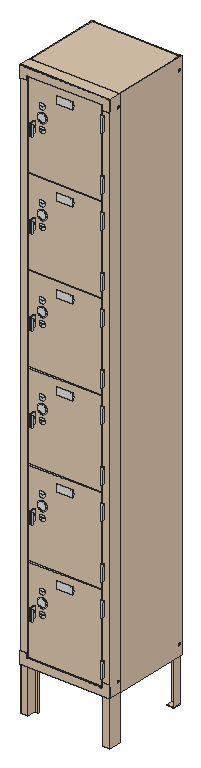
Revit family "Metal_Vented_Lockers-Salsbury_Industries-75000_76000_Series-1_Wide_Units", category Specialty Equipment, Revit 2023 (continued)
Definition of nested family "Metal Locker Zee Base-Right Side"
  Types (4): name | Visible | Depth | Type Comments | Model | Description
    77575 Right - 15" D | yes | 13.362" | "Zee Base Kit for Standard Metal Lockers - No Legs" | "77575" | "4\" H x 6' L - for 12\" Deep Lockers (Includes 6 Foot Front Base, 2 End Bases, Corner Splicer and 4 Rear Legs)"
    77578 Right - 18" D | yes | 16.362" | "Zee Base Kit for Standard Metal Lockers - No Legs" | "77578" | "4\" H x 6' L - for 12\" Deep Lockers (Includes 6 Foot Front Base, 2 End Bases, Corner Splicer and 4 Rear Legs)"
    None | no | 10.362" | "End Base for Standard Metal Lockers" | "" | ""
  Reference planes (in)
    plane 1 "Center (Front/Back)": y = 0
    plane 2: z = 0
    plane 3 "Center (Left/Right)": x = 3.99
    plane 4 "Floor": z = 0
    plane 5 "Top of Enclosure": z = 4
    plane 6 "Left Edge of Insert": x = 4.77
    plane 7 "Right Side of Unit": x = 5.99
    plane 8 "Left Edge of Enclosure": y = -8.181
    plane 9 "Right Edge of Enclosure": y = 8.181
    plane 10 "Bottom Edge of Enclosure": z = 0.06
    plane 11 "Left Edge of Base": x = 1.99
  Forms (in)
    Extrusion 1, solid, material <- "Primary Structure Material", visible <- "Visible"
      sketch origin (5.99, 0, 0) x (0, 0, -1) y (0, -1, 0)
        loop
          line (-4, 6.93967) -> (-4, -6.931) -> (-3.94, -6.931) -> (-3.94, 6.93967) -> (-4, 6.93967)
      from 0.06 to 1.22
    Extrusion 2, solid, material <- "Primary Structure Material", visible <- "Visible"
      sketch origin (0, 0, 0) x (0, -1, 0) y (1, 0, 0)
        loop
          line (-8.181, 1.99) -> (-8.121, 1.99) -> (-8.121, 5.93) -> (8.121, 5.93) -> (8.121, 1.99) -> (8.181, 1.99) -> (8.181, 5.99) -> (-8.181, 5.99) -> (-8.181, 1.99)
      from 0.06 to 4
  Dimensions and locks (in)
    "Height": plane 5 "Top of Enclosure" to plane 4 "Floor"
    equal spacing: plane 8 "Left Edge of Enclosure", plane 1 "Center (Front/Back)", plane 9 "Right Edge of Enclosure"
    "Depth": plane 8 "Left Edge of Enclosure" to plane 9 "Right Edge of Enclosure"
    "Width": plane 11 "Left Edge of Base" to plane 7 "Right Side of Unit"
    equal spacing: plane 11 "Left Edge of Base", plane 3 "Center (Left/Right)", plane 7 "Right Side of Unit"
    locked: plane 4 "Floor" to plane 10 "Bottom Edge of Enclosure" at 0.06
    aligned and locked: level to plane 2
    aligned and locked: plane 6 "Left Edge of Insert" to Extrusion 1
    aligned and locked: Extrusion 2 to plane 9 "Right Edge of Enclosure"
    aligned and locked: Extrusion 2 to plane 10 "Bottom Edge of Enclosure"
    aligned and locked: plane 11 "Left Edge of Base" to Extrusion 2
  Automatic sketch dimensions
    plane 5 "Top of Enclosure" to Extrusion 1 sketch curve = 0.000"
    Extrusion 1 sketch curve to Extrusion 1 sketch curve = 0.060"
    plane 9 "Right Edge of Enclosure" to Extrusion 1 sketch curve = 1.250"
    Extrusion 1 sketch curve to plane 8 "Left Edge of Enclosure" = 1.24133"
    Extrusion 2 sketch curve to plane 7 "Right Side of Unit" = 0.000"
    plane 9 "Right Edge of Enclosure" to Extrusion 2 sketch curve = 0.000"
    plane 6 "Left Edge of Insert" to Extrusion 2 sketch curve = 2.780"  (x2)
    Extrusion 2 sketch curve to Extrusion 2 sketch curve = 0.060"
    plane 7 "Right Side of Unit" to Extrusion 2 sketch curve = 0.060"
    Extrusion 2 sketch curve to plane 8 "Left Edge of Enclosure" = 0.060"
    Extrusion 2 sketch curve to plane 8 "Left Edge of Enclosure" = 0.000"
Definition of nested family "Metal Locker Zee Base-Left Side"
  Parameters (values of type "77572 Left - 12" D")
    Width including Rivet [instance] = 1.290"
    Visible = yes
    Primary Structure Material = none
    Depth = 10.362"
    Version = "1.0 (11/30/15)"
    Type Comments = "Zee Base Kit for Standard Metal Lockers - No Legs"
    Model = "77572"
    MasterFormat Title = ""
    MasterFormat Number = ""
    Manufacturer = "Salsbury Industries"
    Description = "4\" H x 6' L - for 12\" Deep Lockers (Includes 6 Foot Front Base, 2 End Bases, Corner Splicer and 4 Rear Legs)"
    Width = 4.000"
    Height = 4.000"
    Default Elevation = 0.000"
    Assembly Code = ""
  Types (4): name | Visible | Depth | Type Comments | Model | Description
    77572 Left - 12" D | yes | 10.362" | "Zee Base Kit for Standard Metal Lockers - No Legs" | "77572" | "4\" H x 6' L - for 12\" Deep Lockers (Includes 6 Foot Front Base, 2 End Bases, Corner Splicer and 4 Rear Legs)"
    77575 Left - 15" D | yes | 13.362" | "Zee Base Kit for Standard Metal Lockers - No Legs" | "77575" | "4\" H x 6' L - for 12\" Deep Lockers (Includes 6 Foot Front Base, 2 End Bases, Corner Splicer and 4 Rear Legs)"
    77578 Left- 18" D | yes | 16.362" | "Zee Base Kit for Standard Metal Lockers - No Legs" | "77578" | "4\" H x 6' L - for 12\" Deep Lockers (Includes 6 Foot Front Base, 2 End Bases, Corner Splicer and 4 Rear Legs)"
    None | no | 10.362" | "End Base for Standard Metal Lockers" | "" | ""
  Reference planes (in)
    plane 1 "Center (Front/Back)": y = 0
    plane 2: z = 0
    plane 3 "Center (Left/Right)": x = 3.99
    plane 4 "Floor": z = 0
    plane 5 "Top of Enclosure": z = 4
    plane 6 "Right Side of Unit": x = 5.99
    plane 7 "Left Edge of Enclosure": y = -5.181
    plane 8 "Right Edge of Enclosure": y = 5.181
    plane 9 "Bottom Edge of Enclosure": z = 0.06
    plane 10 "Left Edge of Base": x = 1.99
    plane 11 "Right Edge of Inser": x = 3.21
  Forms (in)
    Extrusion 1, solid, material <- "Primary Structure Material", visible <- "Visible"
      sketch origin (7.98, 0, 0) x (0, -1, 0) y (1, 0, 0)
        loop
          line (-5.181, -1.99) -> (-5.181, -5.99) -> (5.181, -5.99) -> (5.181, -1.99) -> (5.121, -1.99) -> (5.121, -5.93) -> (-5.121, -5.93) -> (-5.121, -1.99) -> (-5.181, -1.99)
      from 0.06 to 4
    Extrusion 2, solid, material <- "Primary Structure Material", visible <- "Visible"
      sketch origin (1.99, 0, 0) x (0, 0, -1) y (0, 1, 0)
        loop
          line (-4, -3.93967) -> (-3.94, -3.93967) -> (-3.94, 3.931) -> (-4, 3.931) -> (-4, -3.93967)
      from 0.06 to 1.22
  Dimensions and locks (in)
    "Height": plane 5 "Top of Enclosure" to plane 4 "Floor"
    equal spacing: plane 7 "Left Edge of Enclosure", plane 1 "Center (Front/Back)", plane 8 "Right Edge of Enclosure"
    "Depth": plane 7 "Left Edge of Enclosure" to plane 8 "Right Edge of Enclosure"
    "Width": plane 10 "Left Edge of Base" to plane 6 "Right Side of Unit"
    equal spacing: plane 10 "Left Edge of Base", plane 3 "Center (Left/Right)", plane 6 "Right Side of Unit"
    locked: plane 4 "Floor" to plane 9 "Bottom Edge of Enclosure" at 0.06
    aligned and locked: level to plane 2
    aligned and locked: plane 10 "Left Edge of Base" to Extrusion 1
  Automatic sketch dimensions
    plane 8 "Right Edge of Enclosure" to Extrusion 1 sketch curve = 0.000"
    Extrusion 1 sketch curve to plane 6 "Right Side of Unit" = 0.000"  (x2)
    plane 7 "Left Edge of Enclosure" to Extrusion 1 sketch curve = 0.000"
    Extrusion 1 sketch curve to plane 10 "Left Edge of Base" = 0.000"
    Extrusion 1 sketch curve to Extrusion 1 sketch curve = 0.060"
    plane 7 "Left Edge of Enclosure" to Extrusion 1 sketch curve = 0.060"
    plane 10 "Left Edge of Base" to Extrusion 1 sketch curve = 0.060"
    plane 5 "Top of Enclosure" to Extrusion 2 sketch curve = 0.000"
    Extrusion 2 sketch curve to Extrusion 2 sketch curve = 0.060"
    Extrusion 2 sketch curve to plane 7 "Left Edge of Enclosure" = 1.24133"
    plane 8 "Right Edge of Enclosure" to Extrusion 2 sketch curve = 1.250"
Definition of nested family "Metal Locker Zee Base Corner"
  Parameters (values of type "77572, 77575, 77578")
    Width = 2.000"
    Visible = yes
    Version = "1.0 (11/30/15)"
    Type Comments = "Zee Base Kit for Standard Metal Lockers - No Legs"
    Primary Structure Material = none
    Model = "n/a"
    Manufacturer = "Salsbury Industries"
    Height = 3.940"
    Description = "4\" H x 6' L - for 12\" Deep Lockers (Includes 6 Foot Front Base, 2 End Bases, Corner Splicer and 4 Rear Legs)"
    Depth = 2.000"
    Default Elevation = 0.000"
  Types (2): name | Visible
    77572, 77575, 77578 | yes
    None | no
  Reference planes (in)
    plane 1 "Center (Front/Back)": y = 0
    plane 2 "Bottom of Component": z = 0
    plane 3 "Center (Left/Right)": x = 0
    plane 4: z = 3.94
    plane 5: x = -1
    plane 6: x = 1
    plane 7 "Front": y = -1
    plane 8 "Back": y = 1
  Forms (in)
    Extrusion 1, solid, material <- "Primary Structure Material", visible <- "Visible"
      sketch origin (0, 0, 0) x (1, 0, 0) y (0, 1, 0)
        loop
          line (-1, 1) -> (-1, 0.94) -> (0.94, 0.94) -> (0.94, -1) -> (1, -1) -> (1, 1) -> (-1, 1)
      from 0 to 3.94
  Dimensions and locks (in)
    "Height": plane 4 to plane 2 "Bottom of Component"
    equal spacing: plane 5, plane 3 "Center (Left/Right)", plane 6
    "Width": plane 5 to plane 6
    equal spacing: plane 7 "Front", plane 1 "Center (Front/Back)", plane 8 "Back"
    "Depth": plane 7 "Front" to plane 8 "Back"
    aligned and locked: plane 2 "Bottom of Component" to level
  Automatic sketch dimensions
    Extrusion 1 sketch curve to plane 5 = 0.000"
    plane 7 "Front" to Extrusion 1 sketch curve = 0.000"
    Extrusion 1 sketch curve to plane 6 = 0.000"
    plane 8 "Back" to Extrusion 1 sketch curve = 0.000"
    plane 6 to Extrusion 1 sketch curve = 0.060"
    Extrusion 1 sketch curve to Extrusion 1 sketch curve = 0.060"
Definition of nested family "Metal Locker End Panel"
  Parameters (values of type "77362 - for 6' H x 12" D Lockers")
    Width = 0.925"
    Visible = yes
    Version = "1.0 (11/30/15)"
    Type Comments = "Finished End Panel for Standard Metal Lockers"
    Primary Structure Material = none
    Model = "77362"
    MasterFormat Title = ""
    MasterFormat Number = ""
    Manufacturer = "Salsbury Industries"
    Height = 72.000"
    Description = "End Panel for 6' H x 12\" Deep Lockers"
    Depth = 12.010"
    Default Elevation = 0.000"
    Assembly Code = ""
  Types (7): name | Visible | Model | Height | Description | Depth
    77362 - for 6' H x 12" D Lockers | yes | "77362" | 72.000" | "End Panel for 6' H x 12\" Deep Lockers" | 12.010"
    77365 - for 6' H x 15" D Lockers | yes | "77365" | 72.000" | "End Panel for 6' H x 15\" Deep Lockers" | 15.010"
    77368 - for 6' H X 18" D Lockers | yes | "77368" | 72.000" | "End Panel for 6' H x 18\" Deep Lockers" | 18.010"
    77352 - for 5' H x 12" D Lockers | yes | "77352" | 60.000" | "End Panel for 5' H x 12\" Deep Lockers" | 12.010"
    77355 - for 5' H x 15" D Lockers | yes | "77355" | 60.000" | "End Panel for 5' H x 15\" Deep Lockers" | 15.010"
    77358 - for 5' H x 18" D Lockers | yes | "77358" | 60.000" | "End Panel for 5' H x 18\" Deep Lockers" | 18.010"
    None | no | "n/a" | 72.000" | "" | 12.010"
  Reference planes (in)
    plane 1 "Center (Front/Back)": y = -2.167
    plane 2: z = 0
    plane 3 "Center (Left/Right)": x = -4.595
    plane 4 "Bottom of Panel": z = 0
    plane 5 "Top of Panel": z = 72
    plane 6 "Front of Panel": y = -8.172
    plane 7 "Right Side of Enclosure": x = -4.1325
    plane 8 "Left Side of Enclosure": x = -5.0575
    plane 9 "Back of Panel": y = 3.838
    plane 10: z = 36
    plane 11: z = 70.283
    plane 12: z = 1.717
    plane 13 "Outside Edge of Front Flap": y = -8.23214
    plane 14 "Outside Edge of Back Flap": y = 3.898
  Forms (in)
    Extrusion 1, solid, material <- "Primary Structure Material", visible <- "Visible"
      sketch origin (-4.1325, 0.48244, 0) x (0, 0, -1) y (0, -1, 0)
        loop
          line (-72, 8.71458) -> (-72, -3.41556) -> (0, -3.41556) -> (0, 8.71458) -> (-72, 8.71458)
      from 0 to -0.06
    Extrusion 2, solid, material <- "Primary Structure Material", visible <- "Visible"
      sketch origin (0, 3.838, 0) x (0, 0, -1) y (1, 0, 0)
        loop
          line (-72, -5.0575) -> (0, -5.0575) -> (0, -4.1325) -> (-72, -4.1325) -> (-72, -5.0575)
      from 0 to -0.06
    Extrusion 3, solid, material <- "Primary Structure Material", visible <- "Visible"
      sketch origin (0, -8.172, 0) x (1, 0, 0) y (0, 0, 1)
        loop
          line (-5.0575, 70.283) -> (-5.0575, 1.717) -> (-4.1325, 1.717) -> (-4.1325, 70.283) -> (-5.0575, 70.283)
      from 0.06014 to 0
  Dimensions and locks (in)
    equal spacing: plane 6 "Front of Panel", plane 1 "Center (Front/Back)", plane 9 "Back of Panel"
    "Depth": plane 6 "Front of Panel" to plane 9 "Back of Panel"
    equal spacing: plane 8 "Left Side of Enclosure", plane 3 "Center (Left/Right)", plane 7 "Right Side of Enclosure"
    "Width": plane 8 "Left Side of Enclosure" to plane 7 "Right Side of Enclosure"
    equal spacing: plane 5 "Top of Panel", plane 10, plane 2
    "Height": plane 5 "Top of Panel" to plane 2
    locked: plane 5 "Top of Panel" to plane 11 at 1.717
    locked: plane 13 "Outside Edge of Front Flap" to plane 6 "Front of Panel" at 0.06014
    locked: plane 9 "Back of Panel" to plane 14 "Outside Edge of Back Flap" at 0.06
    aligned and locked: level to plane 2
    aligned and locked: plane 5 "Top of Panel" to Extrusion 1 sketch curve
    aligned and locked: plane 5 "Top of Panel" to Extrusion 2 sketch curve
    aligned and locked: Extrusion 2 to plane 9 "Back of Panel"
    aligned and locked: plane 11 to Extrusion 3 sketch curve
    aligned and locked: plane 6 "Front of Panel" to Extrusion 3
    aligned and locked: plane 14 "Outside Edge of Back Flap" to Extrusion 2
    aligned and locked: Extrusion 1 to plane 14 "Outside Edge of Back Flap"
    aligned and locked: plane 13 "Outside Edge of Front Flap" to Extrusion 3
    aligned and locked: Extrusion 2 to plane 7 "Right Side of Enclosure"
    aligned and locked: Extrusion 3 to plane 7 "Right Side of Enclosure"
  Automatic sketch dimensions
    Extrusion 1 sketch curve to level = 0.000"
    Extrusion 2 sketch curve to level = 0.000"
    plane 8 "Left Side of Enclosure" to Extrusion 2 sketch curve = 0.000"
    plane 7 "Right Side of Enclosure" to Extrusion 2 sketch curve = 0.000"
    plane 8 "Left Side of Enclosure" to Extrusion 3 sketch curve = 0.000"
    Extrusion 3 sketch curve to plane 12 = 0.000"
    plane 7 "Right Side of Enclosure" to Extrusion 3 sketch curve = 0.000"
    Extrusion 1 sketch curve to plane 14 "Outside Edge of Back Flap" = 0.000"
    plane 6 "Front of Panel" to Extrusion 1 sketch curve = 0.06014"
Definition of nested family "Metal Locker Front Filler"
  Parameters (values of type "77869 - for 6' H Lockers (Zee Base or No Legs)")
    Width = 9.000"
    Visible = yes
    Version = "1.0 (11/30/15)"
    Type Comments = "Vertical Front Filler for Standard Metal Lockers"
    Primary Structure Material = none
    Model = "77865"
    MasterFormat Title = ""
    MasterFormat Number = ""
    Manufacturer = "Salsbury Industries"
    Height = 72.000"
    Description = "9\" W Vertical Front Filler for 6' H Lockers"
    Depth = 1.500"
    Default Elevation = 0.000"
    Assembly Code = ""
  Types (9): name | Width | Visible | Model | Height | Description | Depth
    77865 - for 6' H Lockers with Legs | 15.000" | yes | "77865" | 78.000" | "15\" W Vertical Front Filler for 6' H Lockers" | 1.000"
    77869 - for 6' H Lockers with Legs | 9.000" | yes | "77865" | 78.000" | "9\" W Vertical Front Filler for 6' H Lockers" | 1.000"
    77855 - for 5' H Lockers with Legs | 15.000" | yes | "77855" | 66.000" | "15\" W Vertical Front Filler for 5' H Lockers" | 1.000"
    77859 - for 5' H Lockers with Legs | 9.000" | yes | "77859" | 66.000" | "9\" W Vertical Front Filler for 5' H Lockers" | 1.000"
    None | 15.000" | no | "n/a" | 78.000" | "" | 1.500"
    77865 - for 6' H Lockers (Zee Base or No Legs) | 15.000" | yes | "77865" | 72.000" | "15\" W Vertical Front Filler for 6' H Lockers" | 1.000"
    77869 - for 6' H Lockers (Zee Base or No Legs) | 9.000" | yes | "77865" | 72.000" | "9\" W Vertical Front Filler for 6' H Lockers" | 1.500"
    77859 - for 5' H Lockers (Zee Base or No Legs) | 9.000" | yes | "77859" | 60.000" | "9\" W Vertical Front Filler for 5' H Lockers" | 1.000"
    77855 - for 5' H Lockers (Zee Base or No Legs) | 15.000" | yes | "77855" | 60.000" | "15\" W Vertical Front Filler for 5' H Lockers" | 1.000"
  Reference planes (in)
    plane 1 "Center (Front/Back)": y = -2.167
    plane 2: z = 0
    plane 3 "Center (Left/Right)": x = -4.595
    plane 4 "Bottom of Filler": z = 0
    plane 5 "Top of Panel": z = 72
    plane 6 "Front of Filler": y = -2.917
    plane 7 "Right Side of Filler": x = -0.095
    plane 8 "Left Side of Filler": x = -9.095
    plane 9 "Back of Filler": y = -1.417
    plane 10: z = 36
  Forms (in)
    Extrusion 1, solid, material <- "Primary Structure Material", visible <- "Visible"
      sketch origin (0, 0, 0) x (0, -1, 0) y (1, 0, 0)
        loop
          line (1.417, -9.095) -> (2.917, -9.095) -> (2.917, -1.095) -> (2.869, -1.095) -> (2.869, -9.047) -> (1.417, -9.047) -> (1.417, -9.095)
      from 0 to 72
    Extrusion 2, solid, material <- "Primary Structure Material", visible <- "Visible"
      sketch origin (0, -0.20425, 0) x (0, -1, 0) y (1, 0, 0)
        loop
          line (1.30875, -0.095) -> (1.30875, -0.143) -> (2.76075, -0.143) -> (2.76075, -1.595) -> (2.80875, -1.595) -> (2.80875, -0.095) -> (1.30875, -0.095)
      from 0 to 72
    Extrusion 3, solid, material <- "Primary Structure Material", visible <- "Visible"
      sketch origin (0, 0.10825, 0) x (0, -1, 0) y (1, 0, 0)
        loop
          line (3.07325, -1.595) -> (3.07325, -0.82524) -> (3.02525, -0.82524) -> (3.02525, -1.376) -> (3.02525, -1.449) -> (3.02525, -1.522) -> (3.02525, -1.595) -> (3.07325, -1.595)
      from 0 to 72
    Extrusion 4, solid, material <- "Primary Structure Material", visible <- "Visible"
      sketch origin (0, 0, 0) x (0, -1, 0) y (1, 0, 0)
        loop
          line (2.917, -0.82524) -> (2.821, -0.82524) -> (2.821, -1.80024) -> (2.869, -1.80024) -> (2.869, -0.87324) -> (2.917, -0.87324) -> (2.917, -0.82524)
      from 0 to 72
  Dimensions and locks (in)
    equal spacing: plane 6 "Front of Filler", plane 1 "Center (Front/Back)", plane 9 "Back of Filler"
    "Depth": plane 6 "Front of Filler" to plane 9 "Back of Filler"
    equal spacing: plane 8 "Left Side of Filler", plane 3 "Center (Left/Right)", plane 7 "Right Side of Filler"
    "Width": plane 8 "Left Side of Filler" to plane 7 "Right Side of Filler"
    equal spacing: plane 5 "Top of Panel", plane 10, plane 2
    "Height": plane 5 "Top of Panel" to plane 2
    aligned and locked: level to plane 2
    aligned and locked: Extrusion 1 to plane 5 "Top of Panel"
    aligned and locked: Extrusion 2 to plane 5 "Top of Panel"
    aligned and locked: Extrusion 3 to plane 5 "Top of Panel"
    aligned and locked: Extrusion 4 to plane 5 "Top of Panel"
  Automatic sketch dimensions
    plane 9 "Back of Filler" to Extrusion 1 sketch curve = 0.000"
    plane 6 "Front of Filler" to Extrusion 1 sketch curve = 0.000"
    Extrusion 1 sketch curve to plane 8 "Left Side of Filler" = 0.000"
    Extrusion 1 sketch curve to plane 6 "Front of Filler" = 0.048"
    Extrusion 1 sketch curve to Extrusion 1 sketch curve = 0.048"
    plane 7 "Right Side of Filler" to Extrusion 1 sketch curve = 1.000"
    Extrusion 2 sketch curve to plane 7 "Right Side of Filler" = 0.000"
    plane 7 "Right Side of Filler" to Extrusion 2 sketch curve = 0.048"
    plane 9 "Back of Filler" to Extrusion 2 sketch curve = 0.096"
    plane 6 "Front of Filler" to Extrusion 2 sketch curve = 0.048"
    Extrusion 2 sketch curve to Extrusion 2 sketch curve = 0.048"
    Extrusion 2 sketch curve to Extrusion 2 sketch curve = 1.452"
    plane 6 "Front of Filler" to Extrusion 3 sketch curve = 0.000"
    plane 7 "Right Side of Filler" to Extrusion 3 sketch curve = 1.500"
    Extrusion 3 sketch curve to Extrusion 3 sketch curve = 0.073"  (x3)
    Extrusion 3 sketch curve to Extrusion 3 sketch curve = 0.55076"
    Extrusion 3 sketch curve to Extrusion 3 sketch curve = 0.048"
    plane 6 "Front of Filler" to Extrusion 4 sketch curve = 0.000"
    Extrusion 4 sketch curve to plane 6 "Front of Filler" = 0.048"
    Extrusion 4 sketch curve to Extrusion 4 sketch curve = 0.048"  (x2)
    plane 7 "Right Side of Filler" to Extrusion 4 sketch curve = 1.70524"
    plane 7 "Right Side of Filler" to Extrusion 4 sketch curve = 0.77824"
Definition of nested family "Metal Locker Flat Top Filler"
  Parameters (values of type "77842 - for 12" Deep Lockers (15" W)")
    Width = 16.250"
    Visible = yes
    Version = "1.0 (11/30/15)"
    Type Comments = "Flat Top Filler for Standard Metal Lockers"
    Primary Structure Material = none
    Model = "77842"
    MasterFormat Title = ""
    MasterFormat Number = ""
    Manufacturer = "Salsbury Industries"
    Height = 1.003"
    Description = "15\"W Flat Top In-Line Filler"
    Depth = 12.118"
    Default Elevation = 0.000"
    Assembly Code = ""
  Types (7): name | Width | Visible | Model | Depth
    77842 - for 12" Deep Lockers (15" W) | 16.250" | yes | "77842" | 12.118"
    77842 - for 12" Deep Lockers (9" W) | 10.250" | yes | "77842" | 12.118"
    77845 - for 15" Deep Lockers (15" W) | 16.250" | yes | "77845" | 15.118"
    77845 - for 15" Deep Lockers (9" W) | 10.250" | yes | "77845" | 15.118"
    77848 - for 18" Deep Lockers (15" W) | 16.250" | yes | "77848" | 18.118"
    77848 - for 18" Deep Lockers (9" W) | 10.250" | yes | "77848" | 18.118"
    None | 16.250" | no | "" | 12.118"
  Reference planes (in)
    plane 1 "Center (Front/Back)": y = -2.167
    plane 2: z = 0
    plane 3 "Center (Left/Right)": x = -4.595
    plane 4 "Bottom of Panel": z = 0
    plane 5 "Top of Panel": z = 1.003
    plane 6 "Front of Panel": y = -8.226
    plane 7 "Right Side of Enclosure": x = 3.53
    plane 8 "Left Side of Enclosure": x = -12.72
    plane 9 "Back of Panel": y = 3.892
    plane 10: z = 0.5015
  Forms (in)
    Extrusion 1, solid, material <- "Primary Structure Material", visible <- "Visible"
      sketch origin (-4.595, 0, 0) x (0, 1, 0) y (0, 0, 1)
        loop
          line (-8.226, 0) -> (-8.178, 0) -> (-8.178, 0.955) -> (3.892, 0.955) -> (3.892, 1.003) -> (-8.226, 1.003) -> (-8.226, 0)
      from -8.125 to 8.125
  Dimensions and locks (in)
    equal spacing: plane 6 "Front of Panel", plane 1 "Center (Front/Back)", plane 9 "Back of Panel"
    "Depth": plane 6 "Front of Panel" to plane 9 "Back of Panel"
    equal spacing: plane 8 "Left Side of Enclosure", plane 3 "Center (Left/Right)", plane 7 "Right Side of Enclosure"
    "Width": plane 8 "Left Side of Enclosure" to plane 7 "Right Side of Enclosure"
    equal spacing: plane 5 "Top of Panel", plane 10, plane 2
    "Height": plane 5 "Top of Panel" to plane 2
    aligned and locked: level to plane 2
    aligned and locked: Extrusion 1 to plane 7 "Right Side of Enclosure"
    aligned and locked: plane 8 "Left Side of Enclosure" to Extrusion 1
    aligned and locked: plane 6 "Front of Panel" to Extrusion 1
    aligned and locked: Extrusion 1 to plane 9 "Back of Panel"
  Automatic sketch dimensions
    plane 5 "Top of Panel" to Extrusion 1 sketch curve = 0.000"
    Extrusion 1 sketch curve to plane 6 "Front of Panel" = 0.000"
    Extrusion 1 sketch curve to level = 0.000"
    Extrusion 1 sketch curve to plane 9 "Back of Panel" = 0.000"
    Extrusion 1 sketch curve to plane 6 "Front of Panel" = 0.048"
    plane 5 "Top of Panel" to Extrusion 1 sketch curve = 0.048"
Definition of nested family "Metal Locker Flat Corner Filler"
  Parameters (values of type "77832 - for 12" Deep Lockers")
    Width = 12.625"
    Visible = yes
    Version = "1.0 (11/30/15)"
    Type Comments = "Flat Top Corner Filler for Standard Metal Lockers"
    Primary Structure Material = none
    Model = "77832"
    MasterFormat Title = ""
    MasterFormat Number = ""
    Manufacturer = "Salsbury Industries"
    Height = 0.048"
    Description = "12\"W Flat Top Corner Filler"
    Depth = 12.625"
    Default Elevation = 0.000"
    Assembly Code = ""
  Types (4): name | Width | Visible | Model | Description | Depth
    77832 - for 12" Deep Lockers | 12.625" | yes | "77832" | "12\"W Flat Top Corner Filler" | 12.625"
    77835 - for 15" Deep Lockers | 15.625" | yes | "77835" | "15\"W Flat Top Corner Filler" | 15.625"
    77838 - for 18" Deep Lockers | 18.625" | yes | "77838" | "18\"W Flat Top Corner Filler" | 18.625"
    None | 12.625" | no | "" | "" | 12.625"
  Reference planes (in)
    plane 1 "Center (Front/Back)": y = -2.167
    plane 2: z = 0
    plane 3 "Center (Left/Right)": x = -4.595
    plane 4 "Bottom of Panel": z = 0
    plane 5 "Top of Panel": z = 0.048
    plane 6 "Front of Panel": y = -8.4795
    plane 7 "Right Side of Enclosure": x = 1.7175
    plane 8 "Left Side of Enclosure": x = -10.9075
    plane 9 "Back of Panel": y = 4.1455
    plane 10: z = 0.024
  Forms (in)
    Extrusion 1, solid, material <- "Primary Structure Material", visible <- "Visible"
      sketch origin (0, 0, 0) x (0, -1, 0) y (1, 0, 0)
        loop
          line (7.8545, -10.9075) -> (7.8545, -10.2825) -> (8.4795, -10.2825) -> (8.4795, 1.7175) -> (-4.1455, 1.7175) -> (-4.1455, -10.9075) -> (7.8545, -10.9075)
      from 0 to 0.048
  Dimensions and locks (in)
    equal spacing: plane 6 "Front of Panel", plane 1 "Center (Front/Back)", plane 9 "Back of Panel"
    "Depth": plane 6 "Front of Panel" to plane 9 "Back of Panel"
    equal spacing: plane 8 "Left Side of Enclosure", plane 3 "Center (Left/Right)", plane 7 "Right Side of Enclosure"
    "Width": plane 8 "Left Side of Enclosure" to plane 7 "Right Side of Enclosure"
    equal spacing: plane 5 "Top of Panel", plane 10, plane 2
    "Height": plane 5 "Top of Panel" to plane 2
    aligned and locked: level to plane 2
    aligned and locked: Extrusion 1 to plane 9 "Back of Panel"
    aligned and locked: plane 6 "Front of Panel" to Extrusion 1
    aligned and locked: Extrusion 1 to plane 7 "Right Side of Enclosure"
    aligned and locked: plane 8 "Left Side of Enclosure" to Extrusion 1
  Automatic sketch dimensions
    Extrusion 1 sketch curve to plane 8 "Left Side of Enclosure" = 0.000"
    plane 9 "Back of Panel" to Extrusion 1 sketch curve = 0.000"
    plane 6 "Front of Panel" to Extrusion 1 sketch curve = 0.000"
    Extrusion 1 sketch curve to plane 7 "Right Side of Enclosure" = 0.000"
    Extrusion 1 sketch curve to plane 8 "Left Side of Enclosure" = 0.625"
    Extrusion 1 sketch curve to plane 6 "Front of Panel" = 0.625"
Definition of nested family "Metal Locker Sloping Hood"
  Parameters (values of type "77752 - for 12" Deep Lockers (1 Wide)")
    Width = 12.040"
    Visible = yes
    Version = "1.0 (11/30/15)"
    Type Comments = "Sloping Hood for Standard Metal Lockers"
    Slope Angle = 28.761°
    Primary Structure Material = none
    Model = "77752"
    MasterFormat Title = ""
    MasterFormat Number = ""
    Manufacturer = "Salsbury Industries"
    Height = 6.625"
    Dividing Lines = no
    Description = "12\" Deep for up to (3) 12\" Wide Lockers"
    Depth = 12.070"
    Default Elevation = 0.000"
    Assembly Code = ""
  Types (12): name | Width | Visible | Slope Angle | Model | Height | Dividing Lines | Description | Depth
    77752 - for 12" Deep Lockers (1 Wide) | 12.040" | yes | 28.761° | "77752" | 6.625" | no | "12\" Deep for up to (3) 12\" Wide Lockers" | 12.070"
    77752 - for 12" Deep Lockers (3 Wide) | 36.040" | yes | 28.761° | "77752" | 6.625" | yes | "12\" Deep for up to (3) 12\" Wide Lockers" | 12.070"
    77755 - for 15" Deep Lockers (1 Wide) | 12.040" | yes | 29.946° | "77755" | 8.682" | no | "15\" Deep for up to (3) 12\" Wide Lockers" | 15.070"
    77755 - for 15" Deep Lockers (3 Wide) | 36.040" | yes | 29.946° | "77755" | 8.628" | yes | "15\" Deep for up to (3) 12\" Wide Lockers" | 15.070"
    77758 - for 18" Deep Lockers (1 Wide) | 12.040" | yes | 30.723° | "77758" | 10.739" | no | "18\" Deep for up to (3) 12\" Wide Lockers" | 18.070"
    77758 - for 18" Deep Lockers (3 Wide) | 36.040" | yes | 30.723° | "77758" | 10.739" | yes | "18\" Deep for up to (3) 12\" Wide Lockers" | 18.070"
    None | 12.000" | no | 28.761° | "" | 6.625" | no | "" | 12.070"
    77765 - for 15" Deep Lockers (1 Wide) | 15.040" | yes | 29.946° | "77752" | 6.625" | no | "12\" Deep for up to (3) 12\" Wide Lockers" | 15.070"
    77768 - for 18" Deep Lockers (1 Wide) | 15.040" | yes | 30.723° | "77752" | 6.625" | no | "12\" Deep for up to (3) 12\" Wide Lockers" | 18.070"
    77765 - for 15" Deep Lockers (3 Wide) | 45.040" | yes | 29.946° | "77752" | 6.625" | yes | "12\" Deep for up to (3) 12\" Wide Lockers" | 15.070"
    77768 - for 18" Deep Lockers (3 Wide) | 45.040" | yes | 30.723° | "77752" | 6.625" | yes | "12\" Deep for up to (3) 12\" Wide Lockers" | 18.070"
    77759 - for 18" Deep Bridge Lockers | 72.040" | yes | 30.723° | "77752" | 6.625" | no | "12\" Deep for up to (3) 12\" Wide Lockers" | 18.070"
  Reference planes (in)
    plane 1 "Center (Front/Back)": y = -2.167
    plane 2: z = 0
    plane 3 "Center (Left/Right)": x = -4.595
    plane 4 "Bottom of Panel": z = 0
    plane 5 "Top of Panel": z = 6.625
    plane 6 "Front of Panel": y = -8.202
    plane 7 "Right Side of Enclosure": x = 1.425
    plane 8 "Left Side of Enclosure": x = -10.615
    plane 9 "Back of Panel": y = 3.868
    plane 10: z = 3.3125
    plane 11: through (0, -7.81601, 0.21186) normal (0, -0.4812, 0.8766)
    plane 12: through (0, -7.94397, 0.10626) normal (0, -0.4812, 0.8766)
    plane 13: y = 3.837
    plane 14: y = 3.806
    plane 15: y = 3.775
    plane 16: y = 3.37433
    plane 17 "Divider 1": x = -6.60167
    plane 18 "Divider 2": x = -2.58833
  Forms (in)
    Extrusion 1, solid, material <- "Primary Structure Material", visible <- "Visible"
      sketch origin (1.425, 0, 0) x (0, 0, -1) y (0, -1, 0)
        loop
          line (-6.62484, -3.868) -> (0, -3.868) -> (0, 8.202) -> (-6.62484, -3.868)
      from 0 to 0.031
    Extrusion 2, solid, material <- "Primary Structure Material", visible <- "Visible"
      sketch origin (1.425, 0, 0) x (0, 0, -1) y (0, -1, 0)
        loop
          line (0, -3.868) -> (0, -3.837) -> (-6.60783, -3.837) -> (-6.62484, -3.868) -> (0, -3.868)
      from 0.03098 to 0.40598
    Extrusion 3, solid, material <- "Primary Structure Material", visible <- "Visible"
      sketch origin (1.425, 0, 0) x (0, 0, -1) y (0, -1, 0)
        loop
          line (0, -3.837) -> (0, 8.13757) -> (-0.031, 8.08109) -> (-0.031, -3.837) -> (0, -3.837)
      from 0.031 to 0.80198
    Extrusion 4, solid, material <- "Primary Structure Material", visible <- "Visible"
      sketch origin (-10.615, 0, 0) x (0, 0, -1) y (0, -1, 0)
        loop
          line (-6.62484, -3.868) -> (0, -3.868) -> (0, 8.202) -> (-6.62484, -3.868)
      from 0 to -0.031
    Extrusion 5, solid, material <- "Primary Structure Material", visible <- "Visible"
      sketch origin (-10.615, 0, 0) x (0, 0, -1) y (0, -1, 0)
        loop
          line (0, -3.868) -> (0, -3.837) -> (-6.60783, -3.837) -> (-6.62484, -3.868) -> (0, -3.868)
      from -0.031 to -0.406
    Extrusion 6, solid, material <- "Primary Structure Material", visible <- "Visible"
      sketch origin (-10.615, 0, 0) x (0, 0, -1) y (0, -1, 0)
        loop
          line (0, -3.837) -> (0, 8.13757) -> (-0.031, 8.08109) -> (-0.031, -3.837) -> (0, -3.837)
      from -0.031 to -0.802
    Extrusion 7, solid, material <- "Primary Structure Material", visible <- "Visible"
      sketch origin (-4.595, 0, 0) x (0, 1, 0) y (0, 0, 1)
        loop
          line (3.837, 6.60783) -> (-8.202, 0) -> (-7.84238, 0) -> (-7.84238, 0.031) -> (-8.08109, 0.031) -> (3.806, 6.55545) -> (3.806, 6.21809) -> (3.837, 6.21809) -> (3.837, 6.60783)
      from -5.989 to 5.989
    Extrusion 8, solid, material <- "Primary Structure Material", visible <- "Visible"
      sketch origin (-4.595, -0.031, 0) x (0, 1, 0) y (0, 0, 1)
        loop
          line (3.837, 0.031) -> (3.837, 6.55545) -> (3.806, 6.53844) -> (3.806, 0.031) -> (3.837, 0.031)
      from -5.989 to 5.989
    Extrusion 9, solid, material <- "Primary Structure Material", visible <- "Visible"
      sketch origin (0, -0.031, 0) x (0, -1, 0) y (1, 0, 0)
        loop
          line (-3.806, -9.75653) -> (-3.40533, -9.75653) -> (-3.40533, 0.56919) -> (-3.806, 0.56919) -> (-3.806, -9.75653)
      from 0.031 to 0.06464
  Lines and regions (in)
    model lines, visible <- "Dividing Lines"
      curve 1: line (-6.60167, -8.21456, -0.0069) -> (-6.60167, 3.868, 6.62484)
      curve 2: line (-2.58833, -8.21456, -0.0069) -> (-2.58833, 3.868, 6.62484)
  Dimensions and locks (in)
    equal spacing: plane 6 "Front of Panel", plane 1 "Center (Front/Back)", plane 9 "Back of Panel"
    "Depth": plane 6 "Front of Panel" to plane 9 "Back of Panel"
    equal spacing: plane 8 "Left Side of Enclosure", plane 17 "Divider 1", plane 18 "Divider 2", plane 7 "Right Side of Enclosure"
    "Width": plane 8 "Left Side of Enclosure" to plane 7 "Right Side of Enclosure"
    equal spacing: plane 5 "Top of Panel", plane 10, plane 2
    "Height": plane 5 "Top of Panel" to plane 2
    locked: plane 11 to plane 12 at 0.031
    plane 16 to plane 15 to plane 14 to plane 13 to plane 9 "Back of Panel" = 0.40067", 0.031", 0.031", 0.031"
    equal spacing: plane 8 "Left Side of Enclosure", plane 3 "Center (Left/Right)", plane 7 "Right Side of Enclosure"
    "Slope Angle": angle plane 4 "Bottom of Panel" to plane 11
    aligned and locked: level to plane 2
    aligned and locked: Extrusion 1 to plane 9 "Back of Panel"
    aligned and locked: plane 4 "Bottom of Panel" to Extrusion 1
    aligned and locked: Extrusion 7 to Extrusion 1
    aligned and locked: Extrusion 7 to Extrusion 4
    aligned and locked: Extrusion 7 to Extrusion 8  (x2)
    aligned and locked: plane 11 to Extrusion 7 sketch curve
    aligned and locked: plane 12 to Extrusion 7 sketch curve
    aligned and locked: plane 12 to Extrusion 8 sketch curve
    aligned and locked: Extrusion 4 sketch curve to plane 11
    aligned and locked: Extrusion 1 sketch curve to plane 11
    aligned and locked: Extrusion 3 sketch curve to plane 12
    aligned and locked: Extrusion 6 sketch curve to plane 12
    aligned and locked: plane 13 to Extrusion 7
    aligned and locked: plane 14 to Extrusion 8
    aligned and locked: plane 15 to Extrusion 8
    aligned and locked: plane 16 to Extrusion 9
    aligned and locked: plane 13 to Extrusion 7 sketch curve
    aligned and locked: Extrusion 7 sketch curve to plane 14
    aligned and locked: plane 13 to Extrusion 2 sketch curve
    aligned and locked: plane 11 to Extrusion 2 sketch curve
    aligned and locked: plane 13 to Extrusion 5 sketch curve
    aligned and locked: plane 11 to Extrusion 5 sketch curve
    aligned and locked: curve 2 to plane 18 "Divider 2"
    aligned and locked: curve 1 to plane 17 "Divider 1"
  Automatic sketch dimensions
    Extrusion 7 sketch curve to level = 0.000"
    level to Extrusion 7 sketch curve = 0.031"
    Extrusion 7 sketch curve to Extrusion 7 sketch curve = 0.23871"
    Extrusion 7 sketch curve to Extrusion 7 sketch curve = 0.33736"
    Extrusion 1 sketch curve to plane 9 "Back of Panel" = 0.000"
    Extrusion 1 sketch curve to level = 0.000"
    Extrusion 2 sketch curve to plane 9 "Back of Panel" = 0.000"
    Extrusion 2 sketch curve to level = 0.000"
    Extrusion 3 sketch curve to plane 13 = 0.000"
    Extrusion 3 sketch curve to level = 0.000"
    level to Extrusion 3 sketch curve = 0.031"
    Extrusion 4 sketch curve to plane 9 "Back of Panel" = 0.000"
    Extrusion 4 sketch curve to level = 0.000"
    Extrusion 5 sketch curve to plane 9 "Back of Panel" = 0.000"
    Extrusion 5 sketch curve to level = 0.000"
    Extrusion 6 sketch curve to plane 13 = 0.000"
    Extrusion 6 sketch curve to level = 0.000"
    Extrusion 6 sketch curve to Extrusion 6 sketch curve = 0.031"
    Extrusion 8 sketch curve to plane 15 = 0.000"
    Extrusion 8 sketch curve to plane 14 = 0.000"
    level to Extrusion 8 sketch curve = 0.031"
    plane 15 to Extrusion 9 sketch curve = 0.000"
    plane 16 to Extrusion 9 sketch curve = 0.000"
    Extrusion 9 sketch curve to plane 8 "Left Side of Enclosure" = 0.85847"
    plane 7 "Right Side of Enclosure" to Extrusion 9 sketch curve = 0.85581"
    curve 1 to plane 9 "Back of Panel" = 0.000"
    plane 11 to curve 1 = 0.000"
    curve 1 to plane 11 = 0.000"
    curve 1 to level = 0.0069"
    curve 2 to plane 9 "Back of Panel" = 0.000"
    plane 11 to curve 2 = 0.000"
    curve 2 to plane 11 = 0.000"
    curve 2 to level = 0.0069"
Definition of nested family "Metal Locker Sloping Top Filler"
  Parameters (values of type "77882 - for 12" Deep Lockers (15" W)")
    Width = 16.250"
    Visible = yes
    Version = "1.0 (11/30/15)"
    Type Comments = "Sloping Hood In-Line Filler for Standard Metal Lockers"
    Slope Angle = 28.761°
    Primary Structure Material = none
    Model = "77882"
    MasterFormat Title = ""
    MasterFormat Number = ""
    Manufacturer = "Salsbury Industries"
    Height = 1.003"
    Description = "15\"W Sloping Hood In-Line Filler"
    Depth = 12.118"
    Default Elevation = 0.000"
    Assembly Code = ""
  Types (7): name | Width | Visible | Type Comments | Slope Angle | Model | Description | Depth
    77882 - for 12" Deep Lockers (15" W) | 16.250" | yes | "Sloping Hood In-Line Filler for Standard Metal Lockers" | 28.761° | "77882" | "15\"W Sloping Hood In-Line Filler" | 12.118"
    77882 - for 12" Deep Lockers (9" W) | 10.250" | yes | "Sloping Hood In-Line Filler for Standard Metal Lockers" | 28.761° | "77882" | "15\"W Sloping Hood In-Line Filler" | 12.118"
    77885 - for 15" Deep Lockers (15" W) | 16.250" | yes | "Sloping Hood In-Line Filler for Standard Metal Lockers" | 29.946° | "77885" | "15\"W Sloping Hood In-Line Filler" | 15.118"
    77885 - for 15" Deep Lockers (9" W) | 10.250" | yes | "Sloping Hood In-Line Filler for Standard Metal Lockers" | 29.946° | "77885" | "15\"W Sloping Hood In-Line Filler" | 15.118"
    77888 - for 18" Deep Lockers (15" W) | 16.250" | yes | "Sloping Hood In-Line Filler for Standard Metal Lockers" | 30.723° | "77888" | "15\"W Sloping Hood In-Line Filler" | 18.118"
    77888 - for 18" Deep Lockers (9" W) | 10.250" | yes | "Sloping Hood In-Line Filler for Standard Metal Lockers" | 30.723° | "77888" | "15\"W Sloping Hood In-Line Filler" | 18.118"
    None | 16.250" | no | "Sloping Hood for Standard Metal Lockers" | 28.761° | "" | "" | 12.118"
  Reference planes (in)
    plane 1 "Center (Front/Back)": y = -2.167
    plane 2: z = 0
    plane 3 "Center (Left/Right)": x = -4.595
    plane 4 "Bottom of Panel": z = 0
    plane 5 "Top of Panel": z = 1.003
    plane 6 "Front of Panel": y = -8.226
    plane 7 "Right Side of Enclosure": x = 3.53
    plane 8 "Left Side of Enclosure": x = -12.72
    plane 9 "Back of Panel": y = 3.892
    plane 10: z = 0.5015
    plane 11: through (0, -7.6072, 0.33964) normal (0, -0.4812, 0.8766)
    plane 12: through (0, -7.72698, 0.21914) normal (0, -0.4812, 0.8766)
  Forms (in)
    Extrusion 1, solid, material <- "Primary Structure Material", visible <- "Visible"
      sketch origin (-4.595, 0, 0) x (0, 1, 0) y (0, 0, 1)
        loop
          line (3.892, 6.65119) -> (-8.226, 0) -> (-8.226, -1.028) -> (-8.178, -1.028) -> (-8.178, -0.02841) -> (3.892, 6.59643) -> (3.892, 6.65119)
      from -8.125 to 8.125
  Dimensions and locks (in)
    equal spacing: plane 6 "Front of Panel", plane 1 "Center (Front/Back)", plane 9 "Back of Panel"
    "Depth": plane 6 "Front of Panel" to plane 9 "Back of Panel"
    equal spacing: plane 8 "Left Side of Enclosure", plane 3 "Center (Left/Right)", plane 7 "Right Side of Enclosure"
    "Width": plane 8 "Left Side of Enclosure" to plane 7 "Right Side of Enclosure"
    equal spacing: plane 5 "Top of Panel", plane 10, plane 2
    "Height": plane 5 "Top of Panel" to plane 2
    locked: plane 11 to plane 12 at 0.048
    "Slope Angle": angle plane 4 "Bottom of Panel" to plane 11
    aligned and locked: level to plane 2
    aligned and locked: plane 11 to Extrusion 1 sketch curve
    aligned and locked: plane 12 to Extrusion 1 sketch curve
    aligned and locked: Extrusion 1 to plane 7 "Right Side of Enclosure"
    aligned and locked: plane 8 "Left Side of Enclosure" to Extrusion 1
  Automatic sketch dimensions
    Extrusion 1 sketch curve to plane 6 "Front of Panel" = 0.000"
    Extrusion 1 sketch curve to Extrusion 1 sketch curve = 0.99959"
    Extrusion 1 sketch curve to level = 0.02841"
    Extrusion 1 sketch curve to plane 9 "Back of Panel" = 0.000"
Definition of nested family "Metal Locker Sloping Corner Filler"
  Parameters (values of type "77872 - for 12" Deep Lockers")
    Width = 12.695"
    Visible = yes
    Version = "1.0 (11/30/15)"
    Type Comments = "Sloping Hood Corner Filler for Standard Metal Lockers"
    Slope Angle 2 = 28.761°
    Slope Angle 1 = 28.761°
    Primary Structure Material = none
    Model = "77872"
    MasterFormat Title = ""
    MasterFormat Number = ""
    Manufacturer = "Salsbury Industries"
    Height = 6.87897"
    Description = "12\"D Sloping Hood Corner Filler"
    Depth = 12.695"
    Default Elevation = 0.000"
    Assembly Code = ""
  Types (4): name | Width | Visible | Slope Angle 2 | Slope Angle 1 | Model | Description | Depth
    77872 - for 12" Deep Lockers | 12.695" | yes | 28.761° | 28.761° | "77872" | "12\"D Sloping Hood Corner Filler" | 12.695"
    77875 - for 15" Deep Lockers | 15.695" | yes | 29.946° | 29.946° | "77875" | "15\"D Sloping Hood Corner Filler" | 15.695"
    77878 - for 18" Deep Lockers | 18.695" | yes | 30.723° | 30.723° | "77878" | "18\"D Sloping Hood Corner Filler" | 18.695"
    None | 12.695" | no | 28.723° | 28.723° | "" | "" | 12.695"
  Reference planes (in)
    plane 1 "Center (Front/Back)": y = -2.167
    plane 2: z = 0
    plane 3 "Center (Left/Right)": x = -4.595
    plane 4 "Bottom of Panel": z = 0
    plane 5 "Top of Panel": z = 6.87897
    plane 6 "Front of Panel": y = -8.5145
    plane 7 "Right Side of Enclosure": x = 1.7525
    plane 8 "Left Side of Enclosure": x = -10.9425
    plane 9 "Back of Panel": y = 4.1805
    plane 10 "Center Top/Bottom": z = 3.43948
    plane 11 "Slope 1": through (0, -7.42276, 0.59922) normal (0, -0.4812, 0.8766)
    plane 12: through (0, -7.54254, 0.47872) normal (0, -0.4812, 0.8766)
    plane 13 "Diagonal Plane": through (-10.86131, 4.09969, 48) normal (0.7071, 0.7071, 0)
    plane 14 "Cutout Plane 1": y = -7.8895
    plane 15 "Cutout Plane 2": x = 1.1275
    plane 16 "Slope 2": through (1.43902, -180, 0.17206) normal (-0.4812, 0, -0.8766)
    plane 17: through (5.04554, -180, -1.86199) normal (-0.4812, 0, -0.8766)
  Forms (in)
    Extrusion 1, solid, material <- "Primary Structure Material", visible <- "Visible"
      sketch origin (-4.595, 0, 0) x (0, 1, 0) y (0, 0, 1)
        loop
          line (-7.8895, 0.28829) -> (4.1805, 6.91313) -> (4.1805, 6.96789) -> (-7.8895, 0.34304) -> (-7.8895, 0.28829)
      from -6.3475 to 6.3475
    Extrusion 2, void
      sketch origin (0, 0, 3.43948) x (1, 0, 0) y (0, 1, 0)
        loop
          line (1.75288, -8.5145) -> (-10.9425, 4.18088) -> (-10.9425, -8.5145) -> (1.75288, -8.5145)
      from -3.43948 to 8.2673
    Extrusion 3, solid, material <- "Primary Structure Material", visible <- "Visible"
      sketch origin (0, -2.167, 0) x (1, 0, 0) y (0, 0, 1)
        loop
          line (1.1275, 0.2885) -> (1.1275, 0.34304) -> (-10.9425, 6.96789) -> (-10.9425, 6.91334) -> (1.1275, 0.2885)
      from -6.3475 to 6.3475
    Extrusion 4, void
      sketch origin (-4.595, 0, 0) x (0, 1, 0) y (0, 0, 1)
        loop
          line (4.1805, 0) -> (4.1805, 6.91313) -> (-8.41474, 0) -> (4.1805, 0)
      from -6.3475 to 6.3475
    Extrusion 5, solid, not visible
      sketch origin (1.1275, 0, 0) x (0, -1, 0) y (0, 0, 1)
        loop
          line (8.60982, 0.2885) -> (7.8895, 0.2885) -> (7.8895, 0) -> (8.60982, 0) -> (8.60982, 0.2885)
      from -0.72026 to 0
  Cuts and joins
    Extrusion 2, Extrusion 4 cuts Extrusion 1
    Extrusion 4 cuts Extrusion 3
  Dimensions and locks (in)
    equal spacing: plane 6 "Front of Panel", plane 1 "Center (Front/Back)", plane 9 "Back of Panel"
    "Depth": plane 6 "Front of Panel" to plane 9 "Back of Panel"
    equal spacing: plane 8 "Left Side of Enclosure", plane 3 "Center (Left/Right)", plane 7 "Right Side of Enclosure"
    "Width": plane 8 "Left Side of Enclosure" to plane 7 "Right Side of Enclosure"
    equal spacing: plane 5 "Top of Panel", plane 10 "Center Top/Bottom", plane 2
    "Height": plane 5 "Top of Panel" to plane 2
    locked: plane 11 "Slope 1" to plane 12 at 0.048
    locked: plane 15 "Cutout Plane 2" to plane 7 "Right Side of Enclosure" at 0.625
    locked: plane 6 "Front of Panel" to plane 14 "Cutout Plane 1" at 0.625
    locked: plane 17 to plane 16 "Slope 2" at 0.04782
    "Slope Angle 1": angle plane 4 "Bottom of Panel" to plane 11 "Slope 1"
    "Slope Angle 2": angle plane 16 "Slope 2" to plane 4 "Bottom of Panel"
    aligned and locked: level to plane 2
    aligned and locked: Extrusion 1 sketch curve to plane 14 "Cutout Plane 1"
    aligned and locked: plane 9 "Back of Panel" to Extrusion 1 sketch curve
    aligned and locked: Extrusion 1 sketch curve to plane 11 "Slope 1"
    aligned and locked: plane 12 to Extrusion 1 sketch curve
    aligned and locked: plane 8 "Left Side of Enclosure" to Extrusion 1
    aligned and locked: Extrusion 1 to plane 7 "Right Side of Enclosure"
    aligned and locked: plane 6 "Front of Panel" to Extrusion 2 sketch curve
    aligned and locked: plane 8 "Left Side of Enclosure" to Extrusion 2 sketch curve
    aligned and locked: plane 13 "Diagonal Plane" to Extrusion 2 sketch curve
    aligned and locked: plane 4 "Bottom of Panel" to cut or joined group of Extrusion 1, Extrusion 2, Extrusion 4
    aligned and locked: Extrusion 4 sketch curve to level
    aligned and locked: Extrusion 4 sketch curve to plane 9 "Back of Panel"
    aligned and locked: plane 12 to Extrusion 4 sketch curve
    aligned and locked: Extrusion 4 to plane 7 "Right Side of Enclosure"
    aligned and locked: plane 8 "Left Side of Enclosure" to Extrusion 4
    aligned and locked: cut or joined group of Extrusion 3, Extrusion 4 to plane 15 "Cutout Plane 2"
    aligned and locked: plane 6 "Front of Panel" to cut or joined group of Extrusion 3, Extrusion 4
    aligned and locked: cut or joined group of Extrusion 3, Extrusion 4 to plane 9 "Back of Panel"
    aligned and locked: Extrusion 3 sketch curve to plane 15 "Cutout Plane 2"
    aligned and locked: Extrusion 3 sketch curve to plane 16 "Slope 2"
    aligned and locked: plane 8 "Left Side of Enclosure" to Extrusion 3 sketch curve
    aligned and locked: plane 17 to Extrusion 3 sketch curve
  Automatic sketch dimensions
    Extrusion 5 sketch curve to plane 14 "Cutout Plane 1" = 0.000"
    Extrusion 5 sketch curve to level = 0.000"
    plane 6 "Front of Panel" to Extrusion 5 sketch curve = 0.09532"
    Extrusion 5 sketch curve to Extrusion 5 sketch curve = 0.2885"
Definition of nested family "Vents"
  Parameters (values of type "6 foot high vents")
    Vent Count for 6' high Lockers = 36
    Default Elevation = 0.000"
  Types (3): name | Vent Count for 6' high Lockers
    (no name) | 36
    6 foot high vents | 36
    5 foot high vents | 29
  Reference planes (in)
    plane 1 "Center (Front/Back)": y = 0
    plane 2: z = 0
    plane 3 "Center (Left/Right)": x = 0
  Lines and regions (in)
    model lines
      curve 1: spline (-0.12218, 0, 66.35929) -> (-0.10447, 0, 66.33016) -> (-0.08514, 0, 66.30573) -> (-0.06447, 0, 66.28637) -> (-0.04279, 0, 66.27239) -> (-0.02043, 0, 66.26399) -> (0.00227, 0, 66.26132) -> (0.02496, 0, 66.2644) -> (0.04728, 0, 66.27319) -> (0.0689, 0, 66.28755) -> (0.08949, 0, 66.30727) -> (0.10872, 0, 66.33205) -> (0.1263, 0, 66.36149)
      curve 2: line (-0.12218, 0, 66.35929) -> (-0.3738, 0, 67.01138)
      curve 3: line (0.1263, 0, 66.36149) -> (0.37669, 0, 67.01065)
      curve 4: spline (-0.12232, 0, 67.66311) -> (-0.1046, 0, 67.6924) -> (-0.08525, 0, 67.71698) -> (-0.06455, 0, 67.73644) -> (-0.04284, 0, 67.7505) -> (-0.02044, 0, 67.75894) -> (0.00229, 0, 67.76163) -> (0.02501, 0, 67.75853) -> (0.04737, 0, 67.74968) -> (0.06902, 0, 67.73522) -> (0.08963, 0, 67.71538) -> (0.10888, 0, 67.69045) -> (0.12647, 0, 67.66083)
      curve 5: line (-0.12232, 0, 67.66311) -> (-0.3738, 0, 67.01138)
      curve 6: line (0.12647, 0, 67.66083) -> (0.37669, 0, 67.01065)
      curve 7: spline (-0.12218, 0, 64.62229) -> (-0.10447, 0, 64.59316) -> (-0.08514, 0, 64.56873) -> (-0.06447, 0, 64.54937) -> (-0.04279, 0, 64.53539) -> (-0.02043, 0, 64.52699) -> (0.00227, 0, 64.52432) -> (0.02496, 0, 64.5274) -> (0.04728, 0, 64.53619) -> (0.0689, 0, 64.55055) -> (0.08949, 0, 64.57027) -> (0.10872, 0, 64.59505) -> (0.1263, 0, 64.62449)
      curve 8: line (-0.12218, 0, 64.62229) -> (-0.3738, 0, 65.27438)
      curve 9: line (0.1263, 0, 64.62449) -> (0.37669, 0, 65.27365)
      curve 10: spline (-0.12232, 0, 65.92611) -> (-0.1046, 0, 65.9554) -> (-0.08525, 0, 65.97998) -> (-0.06455, 0, 65.99944) -> (-0.04284, 0, 66.0135) -> (-0.02044, 0, 66.02194) -> (0.00229, 0, 66.02463) -> (0.02501, 0, 66.02153) -> (0.04737, 0, 66.01268) -> (0.06902, 0, 65.99822) -> (0.08963, 0, 65.97838) -> (0.10888, 0, 65.95345) -> (0.12647, 0, 65.92383)
      curve 11: line (-0.12232, 0, 65.92611) -> (-0.3738, 0, 65.27438)
      curve 12: line (0.12647, 0, 65.92383) -> (0.37669, 0, 65.27365)
      curve 13: spline (-0.12218, 0, 62.88529) -> (-0.10447, 0, 62.85616) -> (-0.08514, 0, 62.83173) -> (-0.06447, 0, 62.81237) -> (-0.04279, 0, 62.79839) -> (-0.02043, 0, 62.78999) -> (0.00227, 0, 62.78732) -> (0.02496, 0, 62.7904) -> (0.04728, 0, 62.79919) -> (0.0689, 0, 62.81355) -> (0.08949, 0, 62.83327) -> (0.10872, 0, 62.85805) -> (0.1263, 0, 62.88749)
      curve 14: line (-0.12218, 0, 62.88529) -> (-0.3738, 0, 63.53738)
      curve 15: line (0.1263, 0, 62.88749) -> (0.37669, 0, 63.53665)
      curve 16: spline (-0.12232, 0, 64.18911) -> (-0.1046, 0, 64.2184) -> (-0.08525, 0, 64.24298) -> (-0.06455, 0, 64.26244) -> (-0.04284, 0, 64.2765) -> (-0.02044, 0, 64.28494) -> (0.00229, 0, 64.28763) -> (0.02501, 0, 64.28453) -> (0.04737, 0, 64.27568) -> (0.06902, 0, 64.26122) -> (0.08963, 0, 64.24138) -> (0.10888, 0, 64.21645) -> (0.12647, 0, 64.18683)
      curve 17: line (-0.12232, 0, 64.18911) -> (-0.3738, 0, 63.53738)
      curve 18: line (0.12647, 0, 64.18683) -> (0.37669, 0, 63.53665)
      curve 19: spline (-0.12218, 0, 61.14829) -> (-0.10447, 0, 61.11916) -> (-0.08514, 0, 61.09473) -> (-0.06447, 0, 61.07537) -> (-0.04279, 0, 61.06139) -> (-0.02043, 0, 61.05299) -> (0.00227, 0, 61.05032) -> (0.02496, 0, 61.0534) -> (0.04728, 0, 61.06219) -> (0.0689, 0, 61.07655) -> (0.08949, 0, 61.09627) -> (0.10872, 0, 61.12105) -> (0.1263, 0, 61.15049)
      curve 20: line (-0.12218, 0, 61.14829) -> (-0.3738, 0, 61.80038)
      curve 21: line (0.1263, 0, 61.15049) -> (0.37669, 0, 61.79965)
      curve 22: spline (-0.12232, 0, 62.45211) -> (-0.1046, 0, 62.4814) -> (-0.08525, 0, 62.50598) -> (-0.06455, 0, 62.52544) -> (-0.04284, 0, 62.5395) -> (-0.02044, 0, 62.54794) -> (0.00229, 0, 62.55063) -> (0.02501, 0, 62.54753) -> (0.04737, 0, 62.53868) -> (0.06902, 0, 62.52422) -> (0.08963, 0, 62.50438) -> (0.10888, 0, 62.47945) -> (0.12647, 0, 62.44983)
      curve 23: line (-0.12232, 0, 62.45211) -> (-0.3738, 0, 61.80038)
      curve 24: line (0.12647, 0, 62.44983) -> (0.37669, 0, 61.79965)
      curve 25: spline (-0.12218, 0, 59.41129) -> (-0.10447, 0, 59.38216) -> (-0.08514, 0, 59.35773) -> (-0.06447, 0, 59.33837) -> (-0.04279, 0, 59.32439) -> (-0.02043, 0, 59.31599) -> (0.00227, 0, 59.31332) -> (0.02496, 0, 59.3164) -> (0.04728, 0, 59.32519) -> (0.0689, 0, 59.33955) -> (0.08949, 0, 59.35927) -> (0.10872, 0, 59.38405) -> (0.1263, 0, 59.41349)
      curve 26: line (-0.12218, 0, 59.41129) -> (-0.3738, 0, 60.06338)
      curve 27: line (0.1263, 0, 59.41349) -> (0.37669, 0, 60.06265)
      curve 28: spline (-0.12232, 0, 60.71511) -> (-0.1046, 0, 60.7444) -> (-0.08525, 0, 60.76898) -> (-0.06455, 0, 60.78844) -> (-0.04284, 0, 60.8025) -> (-0.02044, 0, 60.81094) -> (0.00229, 0, 60.81363) -> (0.02501, 0, 60.81053) -> (0.04737, 0, 60.80168) -> (0.06902, 0, 60.78722) -> (0.08963, 0, 60.76738) -> (0.10888, 0, 60.74245) -> (0.12647, 0, 60.71283)
      curve 29: line (-0.12232, 0, 60.71511) -> (-0.3738, 0, 60.06338)
      curve 30: line (0.12647, 0, 60.71283) -> (0.37669, 0, 60.06265)
      curve 31: spline (-0.12218, 0, 57.67429) -> (-0.10447, 0, 57.64516) -> (-0.08514, 0, 57.62073) -> (-0.06447, 0, 57.60137) -> (-0.04279, 0, 57.58739) -> (-0.02043, 0, 57.57899) -> (0.00227, 0, 57.57632) -> (0.02496, 0, 57.5794) -> (0.04728, 0, 57.58819) -> (0.0689, 0, 57.60255) -> (0.08949, 0, 57.62227) -> (0.10872, 0, 57.64705) -> (0.1263, 0, 57.67649)
      curve 32: line (-0.12218, 0, 57.67429) -> (-0.3738, 0, 58.32638)
      curve 33: line (0.1263, 0, 57.67649) -> (0.37669, 0, 58.32565)
      curve 34: spline (-0.12232, 0, 58.97811) -> (-0.1046, 0, 59.0074) -> (-0.08525, 0, 59.03198) -> (-0.06455, 0, 59.05144) -> (-0.04284, 0, 59.0655) -> (-0.02044, 0, 59.07394) -> (0.00229, 0, 59.07663) -> (0.02501, 0, 59.07353) -> (0.04737, 0, 59.06468) -> (0.06902, 0, 59.05022) -> (0.08963, 0, 59.03038) -> (0.10888, 0, 59.00545) -> (0.12647, 0, 58.97583)
      curve 35: line (-0.12232, 0, 58.97811) -> (-0.3738, 0, 58.32638)
      curve 36: line (0.12647, 0, 58.97583) -> (0.37669, 0, 58.32565)
      curve 37: spline (-0.12218, 0, 55.93729) -> (-0.10447, 0, 55.90816) -> (-0.08514, 0, 55.88373) -> (-0.06447, 0, 55.86437) -> (-0.04279, 0, 55.85039) -> (-0.02043, 0, 55.84199) -> (0.00227, 0, 55.83932) -> (0.02496, 0, 55.8424) -> (0.04728, 0, 55.85119) -> (0.0689, 0, 55.86555) -> (0.08949, 0, 55.88527) -> (0.10872, 0, 55.91005) -> (0.1263, 0, 55.93949)
      curve 38: line (-0.12218, 0, 55.93729) -> (-0.3738, 0, 56.58938)
      curve 39: line (0.1263, 0, 55.93949) -> (0.37669, 0, 56.58865)
      curve 40: spline (-0.12232, 0, 57.24111) -> (-0.1046, 0, 57.2704) -> (-0.08525, 0, 57.29498) -> (-0.06455, 0, 57.31444) -> (-0.04284, 0, 57.3285) -> (-0.02044, 0, 57.33694) -> (0.00229, 0, 57.33963) -> (0.02501, 0, 57.33653) -> (0.04737, 0, 57.32768) -> (0.06902, 0, 57.31322) -> (0.08963, 0, 57.29338) -> (0.10888, 0, 57.26845) -> (0.12647, 0, 57.23883)
      curve 41: line (-0.12232, 0, 57.24111) -> (-0.3738, 0, 56.58938)
      curve 42: line (0.12647, 0, 57.23883) -> (0.37669, 0, 56.58865)
      curve 43: spline (-0.12218, 0, 54.20029) -> (-0.10447, 0, 54.17116) -> (-0.08514, 0, 54.14673) -> (-0.06447, 0, 54.12737) -> (-0.04279, 0, 54.11339) -> (-0.02043, 0, 54.10499) -> (0.00227, 0, 54.10232) -> (0.02496, 0, 54.1054) -> (0.04728, 0, 54.11419) -> (0.0689, 0, 54.12855) -> (0.08949, 0, 54.14827) -> (0.10872, 0, 54.17305) -> (0.1263, 0, 54.20249)
      curve 44: line (-0.12218, 0, 54.20029) -> (-0.3738, 0, 54.85238)
      curve 45: line (0.1263, 0, 54.20249) -> (0.37669, 0, 54.85165)
      curve 46: spline (-0.12232, 0, 55.50411) -> (-0.1046, 0, 55.5334) -> (-0.08525, 0, 55.55798) -> (-0.06455, 0, 55.57744) -> (-0.04284, 0, 55.5915) -> (-0.02044, 0, 55.59994) -> (0.00229, 0, 55.60263) -> (0.02501, 0, 55.59953) -> (0.04737, 0, 55.59068) -> (0.06902, 0, 55.57622) -> (0.08963, 0, 55.55638) -> (0.10888, 0, 55.53145) -> (0.12647, 0, 55.50183)
      curve 47: line (-0.12232, 0, 55.50411) -> (-0.3738, 0, 54.85238)
      curve 48: line (0.12647, 0, 55.50183) -> (0.37669, 0, 54.85165)
      curve 49: spline (-0.12218, 0, 52.46329) -> (-0.10447, 0, 52.43416) -> (-0.08514, 0, 52.40973) -> (-0.06447, 0, 52.39037) -> (-0.04279, 0, 52.37639) -> (-0.02043, 0, 52.36799) -> (0.00227, 0, 52.36532) -> (0.02496, 0, 52.3684) -> (0.04728, 0, 52.37719) -> (0.0689, 0, 52.39155) -> (0.08949, 0, 52.41127) -> (0.10872, 0, 52.43605) -> (0.1263, 0, 52.46549)
      curve 50: line (-0.12218, 0, 52.46329) -> (-0.3738, 0, 53.11538)
      curve 51: line (0.1263, 0, 52.46549) -> (0.37669, 0, 53.11465)
      curve 52: spline (-0.12232, 0, 53.76711) -> (-0.1046, 0, 53.7964) -> (-0.08525, 0, 53.82098) -> (-0.06455, 0, 53.84044) -> (-0.04284, 0, 53.8545) -> (-0.02044, 0, 53.86294) -> (0.00229, 0, 53.86563) -> (0.02501, 0, 53.86253) -> (0.04737, 0, 53.85368) -> (0.06902, 0, 53.83922) -> (0.08963, 0, 53.81938) -> (0.10888, 0, 53.79445) -> (0.12647, 0, 53.76483)
      curve 53: line (-0.12232, 0, 53.76711) -> (-0.3738, 0, 53.11538)
      curve 54: line (0.12647, 0, 53.76483) -> (0.37669, 0, 53.11465)
      curve 55: spline (-0.12218, 0, 50.72629) -> (-0.10447, 0, 50.69716) -> (-0.08514, 0, 50.67273) -> (-0.06447, 0, 50.65337) -> (-0.04279, 0, 50.63939) -> (-0.02043, 0, 50.63099) -> (0.00227, 0, 50.62832) -> (0.02496, 0, 50.6314) -> (0.04728, 0, 50.64019) -> (0.0689, 0, 50.65455) -> (0.08949, 0, 50.67427) -> (0.10872, 0, 50.69905) -> (0.1263, 0, 50.72849)
      curve 56: line (-0.12218, 0, 50.72629) -> (-0.3738, 0, 51.37838)
      curve 57: line (0.1263, 0, 50.72849) -> (0.37669, 0, 51.37765)
      curve 58: spline (-0.12232, 0, 52.03011) -> (-0.1046, 0, 52.0594) -> (-0.08525, 0, 52.08398) -> (-0.06455, 0, 52.10344) -> (-0.04284, 0, 52.1175) -> (-0.02044, 0, 52.12594) -> (0.00229, 0, 52.12863) -> (0.02501, 0, 52.12553) -> (0.04737, 0, 52.11668) -> (0.06902, 0, 52.10222) -> (0.08963, 0, 52.08238) -> (0.10888, 0, 52.05745) -> (0.12647, 0, 52.02783)
      curve 59: line (-0.12232, 0, 52.03011) -> (-0.3738, 0, 51.37838)
      curve 60: line (0.12647, 0, 52.02783) -> (0.37669, 0, 51.37765)
